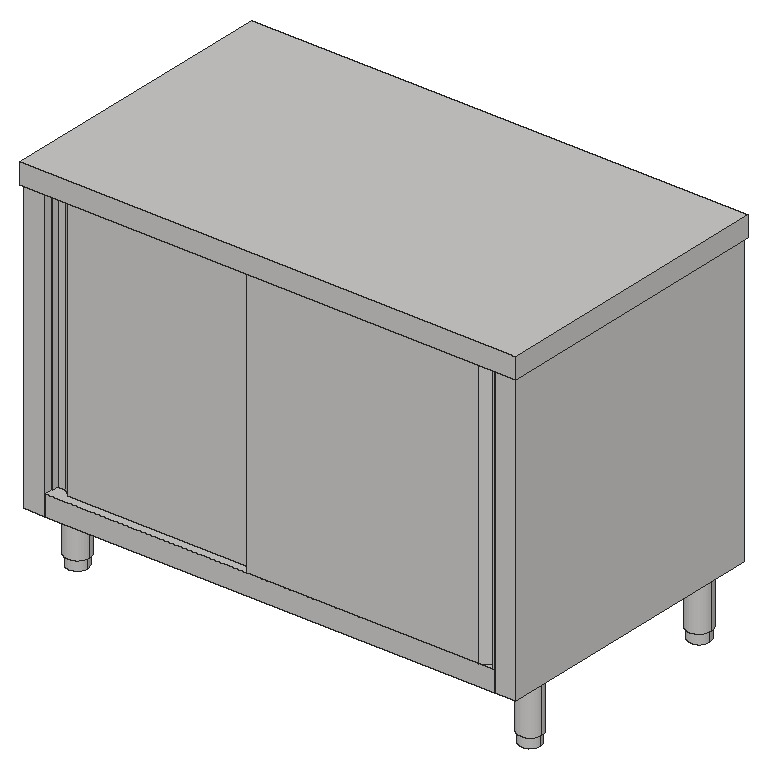
Revit family "QF_ZANUSSI_132771_MTN1200PN", category Specialty Equipment, Revit 2023
Family settings
  Round Connector Dimension = Use Diameter
  Part Type = Normal
  Work Plane-Based = No
  Enable Cutting in Views = No
  Always vertical = Yes
  Cut with Voids When Loaded = No
  Maintain Annotation Orientation = No
  Shared = No
  Room Calculation Point = No
Parameters (values of type "Standard")
  Weight = 55.00 kg
  Watts = 0 W
  Volts = 0 V
  URL Manufacturer = "http://www.zanussiprofessional.com"
  URL = "http://www.zanussiprofessional.com"
  Steam Supply Size = 0 mm
  Steam Supply Minimum Pressure = 0.0 Pa
  Steam Supply Maximum Pressure = 0.0 Pa
  Steam Consumption per Hour = 0
  Refrigeration Suction Line Size = 0.0 mm
  Refrigeration Liquid Line Size = 0.0 mm
  Refrigerant Compressor Remote = yes
  Default Elevation = 0.0 mm
  Manufacturer = "Zanussi"
  Phase = 0
  Model = "MTN1200PN"
  Length Actual = 1200.0 mm
  Item Number = "132771"
  Hot Water Size = 0 mm
  Height Actual = 900.0 mm
  HP = "0 HP"
  Gas Size = 0 mm
  Gas KW = 0
  Gas Input Pressure = 0 W
  Direct Waste Size = 0 mm
  Description = "WORKTOP CUPB.+SHELF+SLIDING DOORS 1200MM"
  Depth Actual = 700.0 mm
  Cycle = 0 Hz
  Condensate Return Size = 0 mm
  Compressed Air Volume = 0.0 L/s
  Compressed Air Size = 0 mm
  Compressed Air Pressure = 0.0 Pa
  Cold Water Size = 0 mm
  Accessory = no
Reference planes
  plane 1 "Center (Front/Back)": y = 0
  plane 2: z = 0
  plane 3 "Center (Left/Right)": x = -100
  plane 4 "LEFT": x = -700
  plane 5 "RIGHT": x = 500
  plane 6 "BACK": y = 350
  plane 7 "FRONT": y = -350
  plane 8 "Base": z = 850
  plane 9 "TOP": z = 900
  plane 10: x = -646.9
  plane 11: x = 446.9
  plane 12: y = 270
  plane 13: y = -241.9
  plane 14 "BodyLeft": x = -694.5
  plane 15 "BodyFront": y = -344.5
  plane 16 "BodyRight": x = 494.5
  plane 17 "BodyBack": y = 344.5
  plane 18 "FEET": z = 150
  plane 19: x = -44.5
  plane 20: x = -155.5
Forms (mm)
  Extrusion 1, solid, material "QF_Finishes_Stainless Steel"
    sketch origin (-100, 0, 0) x (0, 1, 0) y (0, 0, 1)
      loop
        line (-350, 850) -> (350, 850) -> (350, 900) -> (-350, 900) -> (-350, 850)
    from 600 to -600
  Extrusion 2, solid, material "QF_Finishes_Stainless Steel"
    sketch origin (0, 0, 150) x (-1, 0, 0) y (0, -1, 0)
      loop
        line (694.5, -344.5) -> (694.5, 344.5) -> (644.5, 344.5) -> (644.5, -344.5) -> (694.5, -344.5)
      loop
        line (-444.5, -344.5) -> (-444.5, 344.5) -> (-494.5, 344.5) -> (-494.5, -344.5) -> (-444.5, -344.5)
    from 0 to 700
  Extrusion 3, solid, material "QF_Finishes_Stainless Steel"
    sketch origin (0, 0, 150) x (-1, 0, 0) y (0, -1, 0)
      loop
        line (643.585, -344.5) -> (643.585, 344.5) -> (-444.5, 344.5) -> (-444.5, -344.5) -> (643.585, -344.5)
    from 0 to 50
  Extrusion 4, solid, material "QF_Finishes_Stainless Steel"
    sketch origin (0, 0, 150) x (-1, 0, 0) y (0, -1, 0)
      loop
        line (643.585, -344.5) -> (643.585, -294.5) -> (-444.5, -294.5) -> (-444.5, -344.5) -> (643.585, -344.5)
    from 50 to 700
  Extrusion 5, solid, material "QF_Finishes_Stainless Steel"
    sketch origin (0, 0, 150) x (-1, 0, 0) y (0, -1, 0)
      loop
        line (-444.5, 344.5) -> (-444.5, 324.5) -> (155.5, 324.5) -> (155.5, 344.5) -> (-404.5, 344.5) -> (-424.5, 329.5) -> (-439.5, 329.5) -> (-439.5, 344.5) -> (-444.5, 344.5)
    from 50 to 700
  Extrusion 6, solid, material "QF_Finishes_Stainless Steel"
    sketch origin (0, 20, 150) x (1, 0, 0) y (0, 1, 0)
      loop
        line (-644.5, -344.5) -> (-639.5, -344.5) -> (-639.5, -329.5) -> (-624.5, -329.5) -> (-604.5, -344.5) -> (-44.5, -344.5) -> (-44.5, -324.5) -> (-644.5, -324.5) -> (-644.5, -344.5)
    from 50 to 700
Lines and regions (mm)
  symbolic lines
    curve 1: line (500, 350, 900) -> (-700, 350, 900)
    curve 2: line (-700, 350, 900) -> (-700, -350, 900)
    curve 3: line (-700, -350, 900) -> (500, -350, 900)
    curve 4: line (500, -350, 900) -> (500, 350, 900)
  symbolic lines, style "SpecialityEquipmentHiddenLines"
    curve 5: line (-694.5, 344.5, 150) -> (494.5, 344.5, 150)
    curve 6: line (-694.5, -344.5, 150) -> (-694.5, 344.5, 150)
    curve 7: line (494.5, -344.5, 150) -> (-694.5, -344.5, 150)
    curve 8: line (494.5, 344.5, 150) -> (494.5, -344.5, 150)
    curve 9: line (-644.5, -304.5, 150) -> (-44.5, -304.5, 150)
    curve 10: line (-44.5, -304.5, 150) -> (-44.5, -324.5, 150)
    curve 11: line (-644.5, -324.5, 150) -> (444.5, -324.5, 150)
    curve 12: line (444.5, -324.5, 150) -> (444.5, -344.5, 150)
    curve 13: line (-155.5, -324.5, 150) -> (-155.5, -344.5, 150)
    curve 14: line (-644.5, -304.5, 150) -> (-644.5, -324.5, 150)
Dimensions and locks
  plane 4 "LEFT" to plane 5 "RIGHT" = 1200.0 mm
  equal spacing: plane 4 "LEFT", plane 3 "Center (Left/Right)", plane 5 "RIGHT"
  locked: plane 8 "Base" to level at 850
  plane 9 "TOP" to level = 900.0 mm
  plane 6 "BACK" to plane 7 "FRONT" = 700.0 mm
  equal spacing: plane 6 "BACK", plane 1 "Center (Front/Back)", plane 7 "FRONT"
  locked: plane 4 "LEFT" to plane 14 "BodyLeft" at 5.5
  locked: plane 16 "BodyRight" to plane 5 "RIGHT" at 5.5
  locked: plane 15 "BodyFront" to plane 7 "FRONT" at 5.5
  locked: plane 6 "BACK" to plane 17 "BodyBack" at 5.5
  locked: plane 14 "BodyLeft" to plane 10 at 47.6
  locked: plane 11 to plane 16 "BodyRight" at 47.6
  locked: plane 13 to plane 15 "BodyFront" at 102.6
  locked: plane 17 "BodyBack" to plane 12 at 74.5
  plane 10 to plane 11 = 1093.8 mm
  plane 12 to plane 13 = 511.9 mm
  locked: plane 14 "BodyLeft" to Extrusion 2 sketch curve at 50
  locked: Extrusion 2 sketch curve to Extrusion 2 sketch curve at 50
  Extrusion 3 to Extrusion 4 sketch curve = 50.0 mm
  Extrusion 2 to plane 19 = 600.0 mm
  plane 20 to Extrusion 2 = 600.0 mm
  locked: plane 18 "FEET" to level at 150
  aligned and locked: level to plane 2
  aligned and locked: plane 10 to nested 1
  aligned and locked: nested 1 to plane 13
  aligned and locked: plane 11 to nested 2
  aligned and locked: nested 2 to plane 13
  aligned and locked: plane 11 to nested 4
  aligned and locked: nested 4 to plane 12
  aligned and locked: plane 10 to nested 3
  aligned and locked: nested 3 to plane 12
  aligned and locked: Extrusion 1 to plane 4 "LEFT"
  aligned and locked: plane 5 "RIGHT" to Extrusion 1
  aligned and locked: curve 2 to plane 4 "LEFT"
  aligned and locked: plane 17 "BodyBack" to Extrusion 2 sketch curve
  aligned and locked: Extrusion 2 sketch curve to plane 15 "BodyFront"
  aligned and locked: Extrusion 2 sketch curve to plane 14 "BodyLeft"
  aligned and locked: plane 16 "BodyRight" to Extrusion 2 sketch curve
  aligned and locked: Extrusion 2 sketch curve to plane 17 "BodyBack"
  aligned and locked: plane 15 "BodyFront" to Extrusion 2 sketch curve
  aligned and locked: Extrusion 3 sketch curve to plane 17 "BodyBack"
  aligned and locked: plane 15 "BodyFront" to Extrusion 3 sketch curve
  aligned and locked: plane 8 "Base" to Extrusion 2
  aligned and locked: Extrusion 4 sketch curve to Extrusion 3
  aligned and locked: plane 8 "Base" to Extrusion 5
  aligned and locked: Extrusion 5 to Extrusion 3
  aligned and locked: Extrusion 6 sketch curve to plane 19
  aligned and locked: Extrusion 5 sketch curve to plane 20
  aligned and locked: Extrusion 1 to plane 8 "Base"
  aligned and locked: plane 9 "TOP" to Extrusion 1
  aligned and locked: curve 5 to plane 17 "BodyBack"
  aligned and locked: plane 14 "BodyLeft" to curve 6
  aligned and locked: plane 15 "BodyFront" to curve 7
  aligned and locked: plane 16 "BodyRight" to curve 8
Automatic sketch dimensions
  curve 3 to plane 7 "FRONT" = 0.0 mm
  curve 4 to plane 6 "BACK" = 0.0 mm
  Extrusion 1 sketch curve to plane 7 "FRONT" = 0.0 mm
  plane 9 "TOP" to Extrusion 1 sketch curve = 0.0 mm
  Extrusion 1 sketch curve to plane 6 "BACK" = 0.0 mm
  Extrusion 1 sketch curve to plane 8 "Base" = 0.0 mm
  Extrusion 5 sketch curve to plane 15 "BodyFront" = 0.0 mm  (x2)
  Extrusion 5 sketch curve to plane 11 = 2.4 mm
  Extrusion 5 sketch curve to Extrusion 5 sketch curve = 5.0 mm
  Extrusion 5 sketch curve to Extrusion 5 sketch curve = 15.0 mm
  Extrusion 5 sketch curve to Extrusion 5 sketch curve = 20.0 mm
  plane 15 "BodyFront" to Extrusion 5 sketch curve = 15.0 mm
  plane 15 "BodyFront" to Extrusion 5 sketch curve = 20.0 mm
  Extrusion 6 sketch curve to plane 15 "BodyFront" = 20.0 mm  (x2)
  Extrusion 6 sketch curve to plane 10 = 2.4 mm
  Extrusion 6 sketch curve to Extrusion 6 sketch curve = 5.0 mm
  Extrusion 6 sketch curve to Extrusion 6 sketch curve = 15.0 mm
  Extrusion 6 sketch curve to Extrusion 6 sketch curve = 20.0 mm  (x2)
  Extrusion 6 sketch curve to plane 15 "BodyFront" = 35.0 mm
  Extrusion 3 sketch curve to plane 11 = 2.4 mm
  plane 10 to Extrusion 3 sketch curve = 3.315 mm
  Extrusion 4 sketch curve to plane 11 = 2.4 mm
  plane 10 to Extrusion 4 sketch curve = 3.315 mm
  curve 10 to plane 19 = 0.0 mm
  curve 13 to plane 20 = 0.0 mm
  curve 11 to plane 11 = 2.4 mm
  plane 15 "BodyFront" to curve 9 = 40.0 mm
  curve 12 to curve 12 = 20.0 mm
  plane 10 to curve 14 = 2.4 mm
  curve 4 to plane 5 "RIGHT" = 0.0 mm
Nested families
  nested 1: "FEET_D58-150" at (-646.9, -241.9, 0), type "FEET_D58-150"
  nested 2: "FEET_D58-150" at (446.9, -241.9, 0), type "FEET_D58-150"
  nested 3: "FEET_D58-150" at (-646.9, 270, 0), type "FEET_D58-150"
  nested 4: "FEET_D58-150" at (446.9, 270, 0), type "FEET_D58-150"
Definition of nested family "FEET_D58-150"
  Parameters
    Default Elevation = 0.0 mm
    FEET = 150.0 mm
  Reference planes
    plane 1 "Center (Front/Back)": y = 0
    plane 2: z = 0
    plane 3 "Center (Left/Right)": x = 0
    plane 4: z = 150
  Forms (mm)
    Extrusion 1, solid
      sketch origin (0, 0, 0) x (1, 0, 0) y (0, 1, 0)
        loop
          circle (0, 0) r 25
      from 0 to 25
    Extrusion 2, solid
      sketch origin (0, 0, 0) x (1, 0, 0) y (0, 1, 0)
        loop
          circle (0.061, 0) r 29
      from 25 to 150 <- "FEET"
  Lines and regions (mm)
    symbolic lines
      curve 1: line (0, -1.503, 0) -> (0, 1.508, 0)
      curve 2: line (1.561, 0, 0) -> (-1.439, 0, 0)
  Dimensions and locks
    "FEET": plane 4 to plane 2
    aligned and locked: level to plane 2
  Automatic sketch dimensions
    plane 1 "Center (Front/Back)" to Extrusion 1 sketch curve = 0.0 mm
    Extrusion 1 sketch curve to plane 3 "Center (Left/Right)" = 0.0 mm
    plane 1 "Center (Front/Back)" to curve 2 = 0.0 mm
    curve 1 to plane 3 "Center (Left/Right)" = 0.0 mm
    curve 2 to plane 3 "Center (Left/Right)" = 1.439 mm
    plane 3 "Center (Left/Right)" to curve 2 = 1.561 mm
    plane 1 "Center (Front/Back)" to curve 1 = 1.503 mm
    curve 1 to plane 1 "Center (Front/Back)" = 1.508 mm
    plane 1 "Center (Front/Back)" to Extrusion 2 sketch curve = 0.0 mm
    plane 3 "Center (Left/Right)" to Extrusion 2 sketch curve = 0.061 mm
    radius of Extrusion 1 sketch curve = 25.0 mm
    radius of Extrusion 2 sketch curve = 29.0 mm
